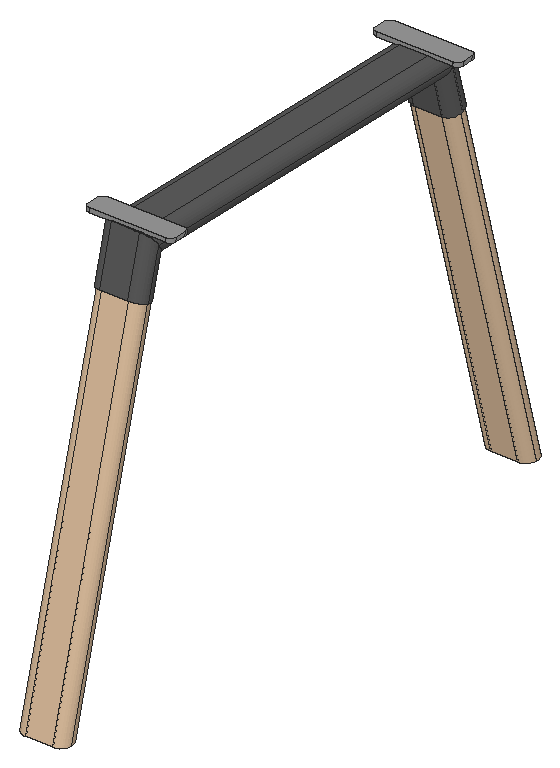
Revit family "FU_Table_Sandler_Plania_PL30140", category Furniture, Revit 2020
Family settings
  OmniClass Number = 23.40.20.00
  OmniClass Title = General Furniture and Specialties
  Work Plane-Based = No
  Always vertical = Yes
  Cut with Voids When Loaded = No
  Shared = No
  Room Calculation Point = No
Parameters (values of type "PL30140")
  Wood Finish = Wood - Oak - Natural - V
  Width = 145 mm
  URL = "https://www.sandlerseating.com/product/pl30140/"
  Model = "Plania PL30140"
  Manufacturer = "Sandler"
  Height = 691.322 mm
  Description = "Set of ML01 table legs for Plania tables with a height of 29.5″ for tables 48″ wide. Please note 2 sets of legs are required for each table / bench"
  Depth = 995 mm
  Default Elevation = 0 mm
Reference planes
  plane 1 "Center (Front/Back)": y = 0
  plane 2: z = 0
  plane 3 "Center (Left/Right)": x = 0
  plane 4 "Right": x = -72.5
  plane 5 "Left": x = 72.5
  plane 6 "Back": y = 497.5
  plane 7 "Front": y = -497.5
  plane 8 "Height": z = 691.322
  plane 9 "Seat height": z = 400
  plane 10 "Leg Right Edge": x = -40.5
  plane 11 "Leg Left Edge": x = 40.5
  plane 12 "Right Leg Angle RIGHT": through (4267.2, -479.116, 8.5) normal (0, -0.9659, 0.2588)
  plane 13 "Left Leg Angle LEFT": through (4267.2, 479.116, 8.5) normal (0, -0.9659, -0.2588)
  plane 14 "Top Leg Center RIGHT": z = 667.222
  plane 15 "Glide Height": z = 5.5
  plane 16 "Support Top": z = 685.322
Forms (mm)
  Sweep 1, solid, material "Wood - Oak - Natural - V" <- "Wood Finish"
    path origin (0, 0, 0) x (0, 1, 0) y (0, 0, 1)
      loop
        line (-481.393, 0) -> (-321.236, 597.715)
    profile "Pro Lozenge : W80xH35" origin (0, -401.315, 298.857) x (0, -0.965926, 0.258819) y (1, 0, 0)
      loop
        arc (-17.48, -22.6) -> (-12.381, -34.911) -> (-0.07, -40.01) r 17.41
        arc (-0.07, -40.01) -> (12.361, -34.638) -> (17.48, -22.1) r 17.913
        line (17.48, -22.1) -> (17.48, 22.6)
        arc (17.48, 22.6) -> (12.331, 34.96) -> (-0.07, 40.01) r 17.41
        arc (-0.07, 40.01) -> (-12.381, 34.911) -> (-17.48, 22.6) r 17.41
        line (-17.48, 22.6) -> (-17.48, -22.6)
  Sweep 2, solid, material "Wood - Oak - Natural - V" <- "Wood Finish"
    path origin (0, 0, 0) x (0, -1, 0) y (0, 0, 1)
      loop
        line (-481.393, 0) -> (-321.236, 597.715)
    profile "Pro Lozenge : W80xH35" origin (0, 401.315, 298.857) x (0, -0.965926, -0.258819) y (1, 0, 0)
      loop
        line (-17.48, 22.6) -> (-17.48, -22.6)
        arc (-17.48, -22.6) -> (-12.381, -34.911) -> (-0.07, -40.01) r 17.41
        arc (-0.07, -40.01) -> (12.331, -34.96) -> (17.48, -22.6) r 17.41
        line (17.48, -22.6) -> (17.48, 22.1)
        arc (17.48, 22.1) -> (12.361, 34.638) -> (-0.07, 40.01) r 17.913
        arc (-0.07, 40.01) -> (-12.381, 34.911) -> (-17.48, 22.6) r 17.41
  Sweep 3, solid, material "M1_B00 - Black"
    path in 3D
      loop
        line (0, -323.029, 591.022) -> (0, -302.611, 667.222) -> (0, 302.611, 667.222) -> (0, 323.317, 589.948)
    profile "Pro Lozenge : W84xH39" origin (0, 0, 667.222) x (0, 0, 1) y (1, 0, 0)
      loop
        arc (-19.48, -22.6) -> (-13.795, -36.325) -> (-0.07, -42.01) r 19.41
        arc (-0.07, -42.01) -> (13.646, -37.357) -> (19.48, -24.1) r 17.979
        line (19.48, -24.1) -> (19.48, 22.6)
        arc (19.48, 22.6) -> (13.746, 36.375) -> (-0.07, 42.01) r 19.41
        arc (-0.07, 42.01) -> (-13.795, 36.325) -> (-19.48, 22.6) r 19.41
        line (-19.48, 22.6) -> (-19.48, -22.6)
  Extrusion 4, solid, material "Rubber, Black"
    sketch origin (0, 0, 691.322) x (-1, 0, 0) y (0, -1, 0)
      loop
        arc (62.5, -315.008) -> (69.571, -312.079) -> (72.5, -305.008) r 10
        line (72.5, -305.008) -> (72.5, -287.508)
        arc (72.5, -287.508) -> (69.571, -280.436) -> (62.5, -277.508) r 10
        line (62.5, -277.508) -> (-62.5, -277.508)
        arc (-62.5, -277.508) -> (-69.571, -280.436) -> (-72.5, -287.508) r 10
        line (-72.5, -287.508) -> (-72.5, -305.008)
        arc (-72.5, -305.008) -> (-69.571, -312.079) -> (-62.5, -315.008) r 10
        line (-62.5, -315.008) -> (62.5, -315.008)
    from -6 to 0
  Extrusion 5, solid, material "Rubber, Black"
    sketch origin (0, 0, 691.322) x (-1, 0, 0) y (0, -1, 0)
      loop
        line (62.5, 315.008) -> (-62.5, 315.008)
        arc (-62.5, 315.008) -> (-69.571, 312.079) -> (-72.5, 305.008) r 10
        line (-72.5, 305.008) -> (-72.5, 287.508)
        arc (-72.5, 287.508) -> (-69.571, 280.436) -> (-62.5, 277.508) r 10
        line (-62.5, 277.508) -> (62.5, 277.508)
        arc (62.5, 277.508) -> (69.571, 280.436) -> (72.5, 287.508) r 10
        line (72.5, 287.508) -> (72.5, 305.008)
        arc (72.5, 305.008) -> (69.571, 312.079) -> (62.5, 315.008) r 10
    from -6 to 0
  Revolve 6, solid, material "Rubber, Black"
    sketch origin (0, 0, 0) x (0, 1, 0) y (0, 0, 1)
      loop
        line (-487.375, 5.5) -> (-487.375, -0.018) -> (-481.283, -0.018) -> (-481.283, 5.5) -> (-487.375, 5.5)
      axis (-481.283, 5.5) -> (-481.283, -0.018)
    angle from 0 to 360
  Revolve 7, solid, material "Rubber, Black"
    sketch origin (0, 0, 0) x (0, -1, 0) y (0, 0, 1)
      loop
        line (-487.375, 5.5) -> (-487.375, -0.018) -> (-481.283, -0.018) -> (-481.283, 5.5) -> (-487.375, 5.5)
      axis (-481.283, 5.5) -> (-481.283, -0.018)
    angle from 0 to 360
  Extrusion 8, void
    sketch origin (0, 0, 0) x (0, 1, 0) y (0, 0, 1)
      loop
        line (-499.18, -9.5) -> (-454.958, -9.5) -> (-454.958, 5.5) -> (-499.18, 5.5) -> (-499.18, -9.5)
    from -72.5 to 72.5
  Extrusion 9, void
    sketch origin (0, 0, 0) x (0, -1, 0) y (0, 0, -1)
      loop
        line (-499.18, 9.5) -> (-499.18, -5.5) -> (-454.958, -5.5) -> (-454.958, 9.5) -> (-499.18, 9.5)
    from -72.5 to 72.5
Cuts and joins
  Extrusion 8, Extrusion 9 cuts Sweep 1
  Extrusion 9 cuts Revolve 6
  Extrusion 9 cuts Sweep 2
Lines and regions (mm)
  sketch lines
    curve 1: line (0, -302.611, 667.222) -> (0, 302.611, 667.222)
    curve 2: line (0, -323.029, 591.022) -> (0, -302.611, 667.222)
    curve 3: line (0, 302.611, 667.222) -> (0, 323.317, 589.948)
Dimensions and locks
  equal spacing: plane 4 "Right", plane 3 "Center (Left/Right)", plane 5 "Left"
  "Width": plane 4 "Right" to plane 5 "Left"
  equal spacing: plane 6 "Back", plane 1 "Center (Front/Back)", plane 7 "Front"
  "Depth": plane 6 "Back" to plane 7 "Front"
  "Height": plane 8 "Height" to level
  plane 9 "Seat height" to level = 400 mm
  aligned and locked: level to plane 2
  aligned and locked: plane 16 "Support Top" to Extrusion 4
  aligned and locked: plane 8 "Height" to Extrusion 4
Automatic sketch dimensions
  Sweep 1 sketch curve to level = 0 mm
  Sweep 1 sketch curve to plane 12 "Right Leg Angle RIGHT" = 0 mm  (x2)
  plane 14 "Top Leg Center RIGHT" to Sweep 1 sketch curve = 69.508 mm
  Sweep 2 sketch curve to level = 0 mm
  plane 13 "Left Leg Angle LEFT" to Sweep 2 sketch curve = 0 mm
  Sweep 2 sketch curve to plane 13 "Left Leg Angle LEFT" = 0 mm
  Sweep 2 sketch curve to plane 14 "Top Leg Center RIGHT" = 69.508 mm
  Extrusion 4 sketch curve to plane 5 "Left" = 0 mm
  Extrusion 4 sketch curve to plane 4 "Right" = 0 mm
  plane 5 "Left" to Extrusion 4 sketch curve = 10 mm  (x2)
  Extrusion 4 sketch curve to Extrusion 4 sketch curve = 10 mm
  Extrusion 4 sketch curve to plane 4 "Right" = 10 mm
  Extrusion 4 sketch curve to plane 6 "Back" = 182.492 mm
  Extrusion 4 sketch curve to Extrusion 4 sketch curve = 17.5 mm
  Extrusion 5 sketch curve to plane 5 "Left" = 0 mm
  Extrusion 5 sketch curve to plane 4 "Right" = 0 mm
  Extrusion 5 sketch curve to plane 5 "Left" = 10 mm  (x2)
  Extrusion 5 sketch curve to Extrusion 5 sketch curve = 10 mm  (x2)
  Extrusion 5 sketch curve to plane 7 "Front" = 182.492 mm
  Extrusion 5 sketch curve to Extrusion 5 sketch curve = 17.5 mm
  Revolve 6 sketch curve to plane 15 "Glide Height" = 0 mm  (x2)
  plane 7 "Front" to Revolve 6 sketch curve = 10.125 mm
  Revolve 6 sketch curve to Revolve 6 sketch curve = 6.092 mm
  Revolve 6 sketch curve to level = 0.018 mm
  Revolve 6 sketch curve to Revolve 6 sketch curve = 0 mm
  Revolve 6 sketch curve to Revolve 6 sketch curve = 9.482 mm
  Revolve 7 sketch curve to plane 15 "Glide Height" = 0 mm  (x2)
  plane 6 "Back" to Revolve 7 sketch curve = 10.125 mm
  Revolve 7 sketch curve to Revolve 7 sketch curve = 6.092 mm
  level to Revolve 7 sketch curve = 0.018 mm
  Revolve 7 sketch curve to Revolve 7 sketch curve = 0 mm
  Revolve 7 sketch curve to Revolve 7 sketch curve = 9.482 mm
  Extrusion 8 sketch curve to plane 15 "Glide Height" = 0 mm
  Extrusion 8 sketch curve to plane 7 "Front" = 1.68 mm
  plane 7 "Front" to Extrusion 8 sketch curve = 42.542 mm
  Extrusion 8 sketch curve to level = 9.5 mm
  Extrusion 9 sketch curve to plane 15 "Glide Height" = 0 mm
  Extrusion 9 sketch curve to plane 6 "Back" = 1.68 mm
  plane 6 "Back" to Extrusion 9 sketch curve = 42.542 mm
  level to Extrusion 9 sketch curve = 9.5 mm
